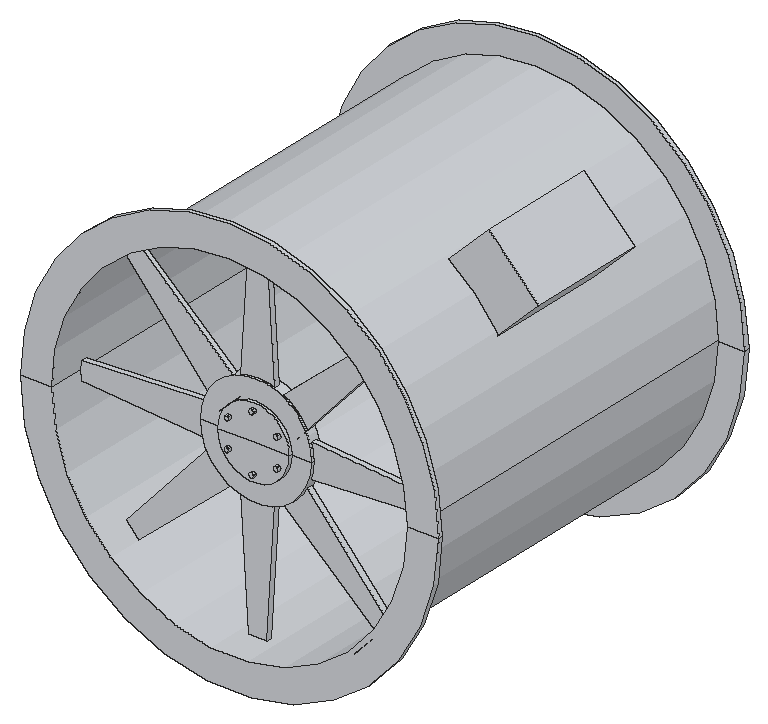
Revit family "CADS_Vent-Axia_MechEquip_Fan_LCA_400_1Ph4P - EXTRACT", category Mechanical Equipment, Revit 2020
Family settings
  Round Connector Dimension = Use Diameter
  Part Type = Normal
  OmniClass Number = 23.75.00.00
  OmniClass Title = Climate Control (HVAC)
  Work Plane-Based = No
  Always vertical = Yes
  Cut with Voids When Loaded = No
  Shared = No
  Room Calculation Point = No
Parameters (values of type "LCA401410")
  nr = NominalDiameter / 2  # 200 mm
  WorkingPressure = 0.0 Pa
  WarrantyStartDate [instance] = "1900-12-31T23:59:59"
  WarrantyPeriod = ""
  WarrantyIdentifier = "N/A"
  WarrantyGuarantorParts = "tech@vent-axia.com"
  WarrantyGuarantorLabor = "tech@vent-axia.com"
  WarrantyGuarantor = "Vent-Axia Limited"
  WarrantyEndDate [instance] = "1900-12-31T23:59:59"
  WarrantyContent = ""
  TemperatureRange = ""
  TagNumber [instance] = "N/A"
  SustainabilityPerformance = ""
  Status = "New"
  Size = ""
  Shape = ""
  ServiceLifeType = ""
  ServiceLifeDuration = ""
  SerialNumber [instance] = "N/A"
  ReplacementCost = ""
  RatedVoltage = 0 V
  RatedCurrent = 0 A
  Quantity = 1
  ProductionYear = ""
  PressureCurve = ""
  PowerFactor = ""
  PointOfContact = ""
  NumberOfPoles = 0
  NominalWidth = 400 mm
  NominalLength = 435 mm
  NominalHeight = 400 mm
  NominalFrequencyRange = ""
  NominalDiameter = 400 mm
  ModelReference = "LCAX 400mm 1PH 4P 10DEG"
  ModelNumber = "LCA401410"
  Material = ""
  ManufacturerE-Mail = "tech@vent-axia.com"
  ManufacturerAddress = "Fleming Way\nCrawley \nRH10 9YX"
  IsExtendedWarranty = no
  InsulationStandardClass = ""
  InstallationDate [instance] = "1900-12-31T23:59:59"
  IfcExportType [instance] = ""
  IfcExportAs = "IfcFanType"
  IP_Code = ""
  HasProtectiveEarth = no
  GrossWeight = 0.00 kg
  Grade = ""
  GlobalTradeItemNumber [instance] = "N/A"
  Fitting Type = "Ignore"
  Finish = ""
  Features = ""
  ExteriorInsulation = no
  ExpectedServiceLife = 0
  Exclusions = ""
  DurationUnit = "Year"
  Default Elevation = 0 mm
  Constituents = ""
  ConductorFunction = ""
  Color = ""
  CodePerformance = ""
  Category = ""
  CADS_Usage = 0
  CADS_Index = 0
  AssetType = "FIXED"
  AssetIdentifier [instance] = "N/A"
  AssemblyPlace = "UNKNOWN"
  ArticleNumber [instance] = "N/A"
  AirflowRateRange = 0.0 L/s
  Air Flow [instance] = 0.0 L/s
  AccessibilityPerformance = ""
Types (16, lengths in mm): name | ModelReference | ModelNumber
  LCA401410 | "LCAX 400mm 1PH 4P 10DEG" | "LCA401410"
  LCA401412 | "LCAX 400mm 1PH 4P 12DEG" | "LCA401412"
  LCA401414 | "LCAX 400mm 1PH 4P 14DEG" | "LCA401414"
  LCA401416 | "LCAX 400mm 1PH 4P 16DEG" | "LCA401416"
  LCA401418 | "LCAX 400mm 1PH 4P 18DEG" | "LCA401418"
  LCA401420 | "LCAX 400mm 1PH 4P 20DEG" | "LCA401420"
  LCA401422 | "LCAX 400mm 1PH 4P 22DEG" | "LCA401422"
  LCA401424 | "LCAX 400mm 1PH 4P 24DEG" | "LCA401424"
  LCA401426 | "LCAX 400mm 1PH 4P 26DEG" | "LCA401426"
  LCA401428 | "LCAX 400mm 1PH 4P 28DEG" | "LCA401428"
  LCA401430 | "LCAX 400mm 1PH 4P 30DEG" | "LCA401430"
  LCA401432 | "LCAX 400mm 1PH 4P 32DEG" | "LCA401432"
  LCA401434 | "LCAX 400mm 1PH 4P 34DEG" | "LCA401434"
  LCA401436 | "LCAX 400mm 1PH 4P 36DEG" | "LCA401436"
  LCA401438 | "LCAX 400mm 1PH 4P 38DEG" | "LCA401438"
  LCA401440 | "LCAX 400mm 1PH 4P 40DEG" | "LCA401440"
Reference planes
  plane 1 "Center (Front/Back)": y = 0
  plane 2: z = 0
  plane 3 "Center (Left/Right)": x = 0
  plane 4: x = -200
  plane 5: x = 200
  plane 6 "F": y = -217.5
  plane 7 "B": y = 217.5
  plane 8: x = -235
  plane 9: y = 212.5
  plane 10: y = -212.5
  plane 11: x = -205
  plane 12: y = -177.5
  plane 13 "top": z = 200
  plane 14: z = -200
  plane 15 "45deg": through (0, -1524, 0) normal (-0.7071, 0, -0.7071)
  plane 16 "C": through (0, -1524, 0) normal (-0.7071, 0, 0.7071)
Forms (mm)
  Revolve 1, solid
    sketch origin (0, 0, 0) x (1, 0, 0) y (0, 1, 0)
      loop
        line (-235, -217.5) -> (-200, -217.5) -> (-200, 217.5) -> (-235, 217.5) -> (-235, 212.5) -> (-205, 212.5) -> (-205, -212.5) -> (-235, -212.5) -> (-235, -217.5)
      axis (0, 217.5) -> (0, -217.5)
    angle from 0 to 360
  Sweep 2, solid
    path origin (0, 0, 0) x (1, 0, 0) y (0, 0, 1)
      loop
        line (141.421, 141.421) -> (187.383, 187.383)
    profile origin (164.402, 0, 164.402) x (-0.707107, 0, 0.707107) y (0, -1, 0)
      loop
        line (37.5, 55) -> (-42.73, 55) -> (-42.73, -79.5) -> (37.5, -79.5) -> (37.5, 55)
Dimensions and locks
  equal spacing: plane 4, plane 3 "Center (Left/Right)", plane 5
  equal spacing: plane 7 "B", plane 1 "Center (Front/Back)", plane 6 "F"
  "NominalLength": plane 7 "B" to plane 6 "F"
  "NominalDiameter": plane 4 to plane 5
  locked: plane 11 to plane 4 at 5
  locked: plane 8 to plane 11 at 30
  locked: plane 6 "F" to plane 10 at 5
  locked: plane 7 "B" to plane 9 at 5
  locked: plane 6 "F" to plane 12 at 40
  equal spacing: plane 13 "top", level, plane 14
  "NominalDiameter": plane 13 "top" to plane 14
  "nr": Sweep 2 sketch curve to nested 13
  Sweep 2 sketch curve to Sweep 2 sketch curve = 65 mm
  aligned and locked: level to plane 2
  aligned and locked: nested 1 to plane 12
Automatic sketch dimensions
  plane 6 "F" to Revolve 1 sketch curve = 0 mm
  Revolve 1 sketch curve to plane 8 = 0 mm  (x2)
  plane 10 to Revolve 1 sketch curve = 0 mm
  Revolve 1 sketch curve to plane 11 = 0 mm
  Revolve 1 sketch curve to plane 4 = 0 mm
  Revolve 1 sketch curve to plane 3 "Center (Left/Right)" = 0 mm
  plane 1 "Center (Front/Back)" to Revolve 1 sketch curve = 0 mm
  Revolve 1 sketch curve to plane 9 = 0 mm
  Revolve 1 sketch curve to plane 7 "B" = 0 mm
  plane 6 "F" to Revolve 1 sketch curve = 115 mm
  plane 1 "Center (Front/Back)" to Sweep 2 sketch curve = 55 mm
  Sweep 2 sketch curve to profile plane = 37.5 mm
  Sweep 2 sketch curve to Sweep 2 sketch curve = 80.23 mm
  Sweep 2 sketch curve to Sweep 2 sketch curve = 134.5 mm
  Sweep 2 sketch curve to plane 16 "C" = 0 mm  (x2)
Nested families
  nested 1: "Fan for ESC" at (0, -177.5, 0), ND <- "NominalDiameter", type "Fan for ESC"
    with hub 40 mm, ND 400 mm, BoltPCD 32 mm, Bolt Count 6, B_Diam 5 mm
  nested 2: "Bolts" at (27.713, -186.672, -16) x (-0.5, 0, -0.866) z (0, 1, 0), type "Bolts"
    with bd 5 mm
  nested 3: "Bolts" at (0, -186.672, -32) x (-1, 0, 0) z (0, 1, 0), type "Bolts"
    with bd 5 mm
  nested 4: "Bolts" at (-27.713, -186.672, -16) x (-0.5, 0, 0.866) z (0, 1, 0), type "Bolts"
    with bd 5 mm
  nested 5: "Bolts" at (-27.713, -186.672, 16) x (0.5, 0, 0.866) z (0, 1, 0), type "Bolts"
    with bd 5 mm
  nested 6: "Bolts" at (27.713, -186.672, 16) x (0.5, 0, -0.866) z (0, 1, 0), type "Bolts"
    with bd 5 mm
  nested 7: "Bolts" at (0, -186.672, 32) x (1, 0, 0) z (0, 1, 0), type "Bolts"
    with bd 5 mm
  nested 8: "ESC Blade" at (0, -177.5, 0), type "ESC Blade"
    with a 20.00°, HR 40 mm, HD 80 mm, BT 20 mm, BR 160 mm, BH 40 mm, BD 400 mm, BB 40 mm
  nested 9: "ESC Blade" at (0, -177.5, 0) x (0.7071, 0, -0.7071) z (0.7071, 0, 0.7071), type "ESC Blade"
    with a 20.00°, HR 40 mm, HD 80 mm, BT 20 mm, BR 160 mm, BH 40 mm, BD 400 mm, BB 40 mm
  nested 10: "ESC Blade" at (0, -177.5, 0) x (0, 0, -1) z (1, 0, 0), type "ESC Blade"
    with a 20.00°, HR 40 mm, HD 80 mm, BT 20 mm, BR 160 mm, BH 40 mm, BD 400 mm, BB 40 mm
  nested 11: "ESC Blade" at (0, -177.5, 0) x (-0.7071, 0, -0.7071) z (0.7071, 0, -0.7071), type "ESC Blade"
    with a 20.00°, HR 40 mm, HD 80 mm, BT 20 mm, BR 160 mm, BH 40 mm, BD 400 mm, BB 40 mm
  nested 12: "ESC Blade" at (0, -177.5, 0) x (-1, 0, 0) z (0, 0, -1), type "ESC Blade"
    with a 20.00°, HR 40 mm, HD 80 mm, BT 20 mm, BR 160 mm, BH 40 mm, BD 400 mm, BB 40 mm
  nested 13: "ESC Blade" at (0, -177.5, 0) x (-0.7071, 0, -0.7071) z (-0.7071, 0, 0.7071), type "ESC Blade"
    with a 20.00°, HR 40 mm, HD 80 mm, BT 20 mm, BR 160 mm, BH 40 mm, BD 400 mm, BB 40 mm
  nested 14: "ESC Blade" at (0, -177.5, 0) x (0, 0, -1) z (-1, 0, 0), type "ESC Blade"
    with a 20.00°, HR 40 mm, HD 80 mm, BT 20 mm, BR 160 mm, BH 40 mm, BD 400 mm, BB 40 mm
  nested 15: "ESC Blade" at (0, -177.5, 0) x (0.7071, 0, -0.7071) z (-0.7071, 0, -0.7071), type "ESC Blade"
    with a 20.00°, HR 40 mm, HD 80 mm, BT 20 mm, BR 160 mm, BH 40 mm, BD 400 mm, BB 40 mm
Connectors
  hvac at (0, -217.5, 0), driven by "NominalDiameter", driven by "Air Flow"
    settings: on Revolve 1, index 1, duct flow 0.0 L/s, flow factor 0, pres drop 0.0 Pa, loss coef 0, conn angle 0.00°, conn width 304.8 mm, conn height 304.8 mm, conn diameter 400 mm, duct sys type 2, conn prof type 0, flow config 0, flow direction 1, loss method 0, conn ref index -1, conn util no, is conn primary yes, conn desc ""
  hvac at (0, 217.5, 0), driven by "NominalDiameter", driven by "Air Flow"
    settings: on Revolve 1, index 2, duct flow 0.0 L/s, flow factor 0, pres drop 0.0 Pa, loss coef 0, conn angle 0.00°, conn width 304.8 mm, conn height 304.8 mm, conn diameter 400 mm, duct sys type 3, conn prof type 0, flow config 1, flow direction 2, loss method 0, conn ref index -1, conn util no, is conn primary no, conn desc ""
Definition of nested family "Fan for ESC"
  Parameters (values of type "Fan for ESC")
    hub [instance] = ND / 10  # 56.7 mm
    ND [instance] = 567 mm
    Model = "."
    Default Elevation = 0 mm
    BoltPCD [instance] = hub - (hub * 0.2)  # 45.36 mm
    Bolt Count [instance] = if(hub < 50 mm, 6, 8)  # 8
    B_Diam [instance] = if(hub < 50 mm, 5 mm, 10 mm)  # 10 mm
  Reference planes
    plane 1 "Center (Front/Back)": y = 0
    plane 2: z = 0
    plane 3 "Center (Left/Right)": x = 0
    plane 4 "back": y = 20
    plane 5 "bolts": y = -9.172
    plane 6 "B": z = 56.7
    plane 7: x = -79.287
    plane 8: x = -56.7
    plane 9 "hubface": y = -6.172
  Forms (mm)
    Revolve 1, solid
      sketch origin (0, 0, 0) x (1, 0, 0) y (0, 1, 0)
        loop
          line (0, 20) -> (-56.7, 20) -> (-56.7, 10.504) -> (-79.287, 10.504) -> (-79.287, -2.597) -> (-56.7, -2.597) -> (-56.7, -6.172) -> (0, -6.172) -> (0, 20)
        axis (0, 20) -> (0, -6.172)
      angle from 0 to 360
    Extrusion 2, solid, not visible
      sketch origin (0, -6.347, -4) x (-1, 0, 0) y (0, 0, 1)
        loop
          circle (0, 84) r 5
      from 0 to 3
  Lines and regions (mm)
    symbolic lines
      curve 1: circle (0, -9.172, 0) r 45.36 normal (0, 1, 0)
    model lines, not visible
      curve 2: line (0, -6.347, 85) -> (0, -6.347, 75)
  Dimensions and locks
    "hub": plane 6 "B" to plane 2
    "hub": nested 3 to plane 3 "Center (Left/Right)"
    "hub": nested 4 to plane 3 "Center (Left/Right)"
    "hub": nested 5 to plane 3 "Center (Left/Right)"
    "hub": plane 3 "Center (Left/Right)" to nested 6
    "hub": Revolve 1 sketch curve to Revolve 1 sketch curve
    "hub": plane 3 "Center (Left/Right)" to nested 7
    "hub": plane 3 "Center (Left/Right)" to nested 8
    "hub": plane 3 "Center (Left/Right)" to nested 9
    "hub": plane 8 to plane 3 "Center (Left/Right)"
    plane 7 to plane 8 = 22.587 mm
    diameter of Extrusion 2 sketch curve = 10 mm
    "BoltPCD": radius of curve 1
    "BoltPCD": radius of radial array
    aligned and locked: level to plane 2
    aligned and locked: plane 6 "B" to nested 1
  Automatic sketch dimensions
    Revolve 1 sketch curve to plane 7 = 0 mm
    Revolve 1 sketch curve to plane 8 = 0 mm  (x2)
    Revolve 1 sketch curve to plane 3 "Center (Left/Right)" = 0 mm
    Revolve 1 sketch curve to plane 9 "hubface" = 0 mm
    plane 4 "back" to Revolve 1 sketch curve = 0 mm
    plane 1 "Center (Front/Back)" to Revolve 1 sketch curve = 2.597 mm
    plane 4 "back" to Revolve 1 sketch curve = 9.496 mm
    Revolve 1 sketch curve to Revolve 1 sketch curve = 5 mm
    Revolve 1 sketch curve to plane 4 "back" = 45 mm
    curve 1 to level = 0 mm
    curve 1 to plane 3 "Center (Left/Right)" = 0 mm
  Nested families
    nested 1: "ESC Blade" at (0, 0, 0), BD <- "ND", HD <- "hub", type "ESC Blade"
      with a 20.00°, HR 56.7 mm, HD 113.4 mm, BT 28.35 mm, BR 226.8 mm, BH 40 mm, BD 567 mm, BB 56.7 mm
    nested 2: "ESC Blade" at (0, 0, 755), BD <- "ND", HD <- "hub", type "ESC Blade", not visible
      with a 20.00°, HR 56.7 mm, HD 113.4 mm, BT 28.35 mm, BR 226.8 mm, BH 40 mm, BD 567 mm, BB 56.7 mm
    nested 3: "ESC Blade" at (0, 0, 0) x (0.7071, 0, -0.7071) z (0.7071, 0, 0.7071), BD <- "ND", HD <- "hub", type "ESC Blade"
      with a 20.00°, HR 56.7 mm, HD 113.4 mm, BT 28.35 mm, BR 226.8 mm, BH 40 mm, BD 567 mm, BB 56.7 mm
    nested 4: "ESC Blade" at (0, 0, 0) x (0, 0, -1) z (1, 0, 0), BD <- "ND", HD <- "hub", type "ESC Blade"
      with a 20.00°, HR 56.7 mm, HD 113.4 mm, BT 28.35 mm, BR 226.8 mm, BH 40 mm, BD 567 mm, BB 56.7 mm
    nested 5: "ESC Blade" at (0, 0, 0) x (-0.7071, 0, -0.7071) z (0.7071, 0, -0.7071), BD <- "ND", HD <- "hub", type "ESC Blade"
      with a 20.00°, HR 56.7 mm, HD 113.4 mm, BT 28.35 mm, BR 226.8 mm, BH 40 mm, BD 567 mm, BB 56.7 mm
    nested 6: "ESC Blade" at (0, 0, 0) x (-1, 0, 0) z (0, 0, -1), BD <- "ND", HD <- "hub", type "ESC Blade"
      with a 20.00°, HR 56.7 mm, HD 113.4 mm, BT 28.35 mm, BR 226.8 mm, BH 40 mm, BD 567 mm, BB 56.7 mm
    nested 7: "ESC Blade" at (0, 0, 0) x (-0.7071, 0, -0.7071) z (-0.7071, 0, 0.7071), BD <- "ND", HD <- "hub", type "ESC Blade"
      with a 20.00°, HR 56.7 mm, HD 113.4 mm, BT 28.35 mm, BR 226.8 mm, BH 40 mm, BD 567 mm, BB 56.7 mm
    nested 8: "ESC Blade" at (0, 0, 0) x (0, 0, -1) z (-1, 0, 0), BD <- "ND", HD <- "hub", type "ESC Blade"
      with a 20.00°, HR 56.7 mm, HD 113.4 mm, BT 28.35 mm, BR 226.8 mm, BH 40 mm, BD 567 mm, BB 56.7 mm
    nested 9: "ESC Blade" at (0, 0, 0) x (0.7071, 0, -0.7071) z (-0.7071, 0, -0.7071), BD <- "ND", HD <- "hub", type "ESC Blade"
      with a 20.00°, HR 56.7 mm, HD 113.4 mm, BT 28.35 mm, BR 226.8 mm, BH 40 mm, BD 567 mm, BB 56.7 mm
    nested 10: "Bolts" at (0, -9.172, 45.36) x (1, 0, 0) z (0, 1, 0), bd <- "B_Diam", type "Bolts"
      with bd 10 mm
    nested 11: "Bolts" at (32.074, -9.172, 32.074) x (0.7071, 0, -0.7071) z (0, 1, 0), bd <- "B_Diam", type "Bolts"
      with bd 10 mm
    nested 12: "Bolts" at (-32.074, -9.172, 32.074) x (0.7071, 0, 0.7071) z (0, 1, 0), bd <- "B_Diam", type "Bolts"
      with bd 10 mm
    nested 13: "Bolts" at (-45.36, -9.172, 0) x (0, 0, 1) z (0, 1, 0), bd <- "B_Diam", type "Bolts"
      with bd 10 mm
    nested 14: "Bolts" at (-32.074, -9.172, -32.074) x (-0.7071, 0, 0.7071) z (0, 1, 0), bd <- "B_Diam", type "Bolts"
      with bd 10 mm
    nested 15: "Bolts" at (0, -9.172, -45.36) x (-1, 0, 0) z (0, 1, 0), bd <- "B_Diam", type "Bolts"
      with bd 10 mm
    nested 16: "Bolts" at (32.074, -9.172, -32.074) x (-0.7071, 0, -0.7071) z (0, 1, 0), bd <- "B_Diam", type "Bolts"
      with bd 10 mm
    nested 17: "Bolts" at (45.36, -9.172, 0) x (0, 0, -1) z (0, 1, 0), bd <- "B_Diam", type "Bolts"
      with bd 10 mm
  Definition of nested family "ESC Blade"
    Parameters (values of type "ESC Blade")
      a [instance] = 20.00°
      HR [instance] = HD / 2  # 30 mm
      HD [instance] = BD / 5  # 60 mm
      Default Elevation = 1219.2 mm
      BT [instance] = BD / 20  # 15 mm
      BR [instance] = (BD / 2) - HR  # 120 mm
      BH [instance] = 40 mm
      BD [instance] = 300 mm
      BB [instance] = BD / 10  # 30 mm
    Reference planes
      plane 1 "Center (Front/Back)": y = 0
      plane 2: z = 0
      plane 3 "Center (Left/Right)": x = 0
      plane 4 "Blade Bot": z = 30
      plane 5: x = -15
      plane 6: x = 15
      plane 7: x = -7.5
      plane 8: x = 7.5
    Forms (mm)
      Blend 1, solid
        base sketch origin (0, 0, 30) x (-1, 0, 0) y (0, -1, 0)
          loop
            line (15, 0) -> (-15, 0) -> (-15, -6) -> (15, -6) -> (15, 0)
        top sketch origin (0, 0, 30) x (-1, 0, 0) y (0, -1, 0)
          loop
            line (7.5, -6) -> (7.5, 0) -> (-7.5, 0) -> (-7.5, -6) -> (7.5, -6)
        from 0 to 120 <- "BR"
    Dimensions and locks
      "HR": plane 4 "Blade Bot" to level
      equal spacing: plane 8, plane 3 "Center (Left/Right)", plane 7
      "BT": plane 8 to plane 7
      equal spacing: plane 6, plane 3 "Center (Left/Right)", plane 5
      "BB": plane 6 to plane 5
      aligned and locked: level to plane 2
    Automatic sketch dimensions
      plane 1 "Center (Front/Back)" to Blend 1 sketch curve = 0 mm  (x2)
      Blend 1 sketch curve to plane 6 = 0 mm
      Blend 1 sketch curve to plane 5 = 0 mm
      Blend 1 sketch curve to plane 1 "Center (Front/Back)" = 6 mm  (x2)
      Blend 1 sketch curve to plane 8 = 0 mm
      Blend 1 sketch curve to plane 7 = 0 mm
  Definition of nested family "Bolts"
    Parameters
      bd [instance] = 10 mm
      Default Elevation = 1219.2 mm
    Reference planes
      plane 1 "Center (Front/Back)": y = 0
      plane 2: z = 0
      plane 3 "Center (Left/Right)": x = 0
    Forms (mm)
      Extrusion 1, solid
        sketch origin (0, 0, 0) x (1, 0, 0) y (0, 1, 0)
          loop
            line (-1219.2, 1219.2) -> (-1219.2, -1219.2) -> (1219.2, -1219.2) -> (1219.2, 1219.2) -> (-1219.2, 1219.2)
        from 0 to -304.8
      Extrusion 2, solid
        sketch origin (0, 0, 0) x (1, 0, 0) y (0, 1, 0)
          loop
            circle (0, 0) r 5
        from 0 to 3
    Dimensions and locks
      "bd": diameter of Extrusion 2 sketch curve
      aligned and locked: plane 2 to Extrusion 1
      aligned and locked: level to Extrusion 1
    Automatic sketch dimensions
      Extrusion 1 sketch curve to Extrusion 1 sketch curve = 2438.4 mm  (x2)
      plane 1 "Center (Front/Back)" to Extrusion 2 sketch curve = 0 mm
      Extrusion 2 sketch curve to plane 3 "Center (Left/Right)" = 0 mm
Definition of nested family "Bolts"
  Parameters
    bd [instance] = 10 mm
    Default Elevation = 1219.2 mm
  Reference planes
    plane 1 "Center (Front/Back)": y = 0
    plane 2: z = 0
    plane 3 "Center (Left/Right)": x = 0
  Forms (mm)
    Extrusion 1, solid
      sketch origin (0, 0, 0) x (1, 0, 0) y (0, 1, 0)
        loop
          line (-1219.2, 1219.2) -> (-1219.2, -1219.2) -> (1219.2, -1219.2) -> (1219.2, 1219.2) -> (-1219.2, 1219.2)
      from 0 to -304.8
    Extrusion 2, solid
      sketch origin (0, 0, 0) x (1, 0, 0) y (0, 1, 0)
        loop
          circle (0, 0) r 5
      from 0 to 3
  Dimensions and locks
    "bd": diameter of Extrusion 2 sketch curve
    aligned and locked: plane 2 to Extrusion 1
    aligned and locked: level to Extrusion 1
  Automatic sketch dimensions
    Extrusion 1 sketch curve to Extrusion 1 sketch curve = 2438.4 mm  (x2)
    plane 1 "Center (Front/Back)" to Extrusion 2 sketch curve = 0 mm
    Extrusion 2 sketch curve to plane 3 "Center (Left/Right)" = 0 mm
Definition of nested family "ESC Blade"
  Parameters (values of type "ESC Blade")
    a [instance] = 20.00°
    HR [instance] = HD / 2  # 30 mm
    HD [instance] = BD / 5  # 60 mm
    Default Elevation = 1219.2 mm
    BT [instance] = BD / 20  # 15 mm
    BR [instance] = (BD / 2) - HR  # 120 mm
    BH [instance] = 40 mm
    BD [instance] = 300 mm
    BB [instance] = BD / 10  # 30 mm
  Reference planes
    plane 1 "Center (Front/Back)": y = 0
    plane 2: z = 0
    plane 3 "Center (Left/Right)": x = 0
    plane 4 "Blade Bot": z = 30
    plane 5: x = -15
    plane 6: x = 15
    plane 7: x = -7.5
    plane 8: x = 7.5
  Forms (mm)
    Blend 1, solid
      base sketch origin (0, 0, 30) x (-1, 0, 0) y (0, -1, 0)
        loop
          line (15, 0) -> (-15, 0) -> (-15, -6) -> (15, -6) -> (15, 0)
      top sketch origin (0, 0, 30) x (-1, 0, 0) y (0, -1, 0)
        loop
          line (7.5, -6) -> (7.5, 0) -> (-7.5, 0) -> (-7.5, -6) -> (7.5, -6)
      from 0 to 120 <- "BR"
  Dimensions and locks
    "HR": plane 4 "Blade Bot" to level
    equal spacing: plane 8, plane 3 "Center (Left/Right)", plane 7
    "BT": plane 8 to plane 7
    equal spacing: plane 6, plane 3 "Center (Left/Right)", plane 5
    "BB": plane 6 to plane 5
    aligned and locked: level to plane 2
  Automatic sketch dimensions
    plane 1 "Center (Front/Back)" to Blend 1 sketch curve = 0 mm  (x2)
    Blend 1 sketch curve to plane 6 = 0 mm
    Blend 1 sketch curve to plane 5 = 0 mm
    Blend 1 sketch curve to plane 1 "Center (Front/Back)" = 6 mm  (x2)
    Blend 1 sketch curve to plane 8 = 0 mm
    Blend 1 sketch curve to plane 7 = 0 mm
